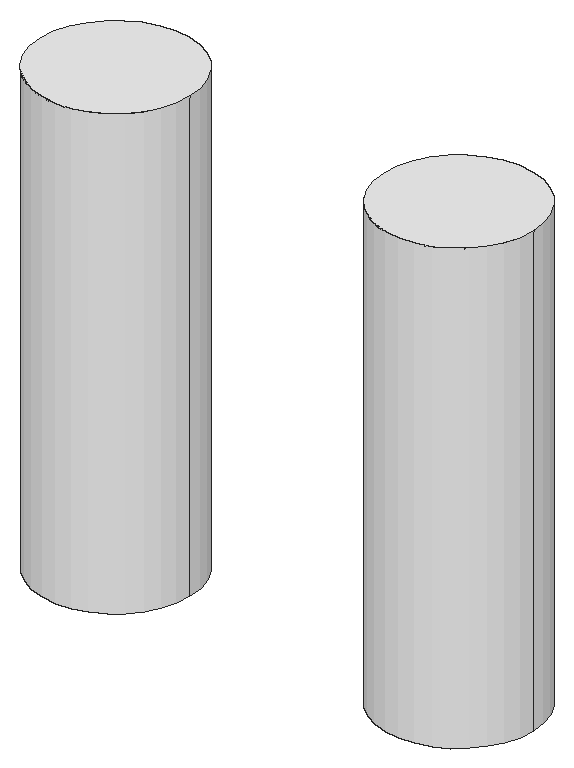
Revit family "92002009(2023)", category Plumbing Fixtures, Revit 2020
Family settings
  Round Connector Dimension = Use Diameter
  Part Type = Normal
  OmniClass Number = 23.45.55.00
  OmniClass Title = Sanitary Faucets, Wastes
  Work Plane-Based = No
  Always vertical = Yes
  Cut with Voids When Loaded = No
  Shared = No
  Room Calculation Point = No
Parameters (values of type "92002009 Washbasin faucet, 230/9 V, Bluetooth")
  Working Pressure = "100 - 1000 kPa"
  WarrantyStartDate [instance] = "n/a"
  WarrantyGuarantorParts = "n/a"
  WarrantyGuarantorLabor = "n/a"
  WarrantyDurationUnit = "Year"
  WarrantyDurationParts = "n/a"
  WarrantyDurationLabor = "n/a"
  WarrantyDescription = "http://warranty.hansa.com"
  Warranty Information URL = "http://warranty.hansa.com"
  VersionDate = "01/06/2023"
  Version = "1"
  ValvePattern = "n/a"
  ValveOperation = "n/a"
  ValveMechanism = "n/a"
  Uniclass2015Reference = "Pr_40_20_87_96"
  Uniclass2015Description = "Washbasin manual water supply sets"
  Uniclass2 = "Pr_40_30_96_96"
  URL WEEE = "http://static.hansa.com/WEEE/92002009"
  URL UWL = "http://static.hansa.com/UWL/92002009"
  URL REACH = "http://static.hansa.com/doc/reach"
  URL EcoLabel Declaration = "http://static.hansa.com/doc/EcoLabel"
  URL EU Packaging Declaration = "http://static.hansa.com/doc/packaging"
  URL Declaration of SCIP = "http://static.hansa.com/doc/SCIP"
  URL Declaration of Conformity = "http://static.hansa.com/DoC/92002009"
  URL Declaration of Asbestos = "http://static.hansa.com/doc/asbestos"
  URL Declaration Of Performance (DOP) = "http://static.hansa.com/doc/DoP"
  URL = ""
  UNSPSC Class Number = "30181700 Faucets or taps"
  Type Comments = ""
  TestPressure = "n/a"
  Temperature Adjustments = "Adjustable hot water stop (included, retrofittable)"
  Technical DataSheet URL = "http://www.hansa.com/datasheet/92002009/en"
  TagNumber [instance] = "n/a"
  SustainabilityPerformance = "n/a"
  Surface treatment = "Chrome"
  Spout Type = "Fixed spout"
  Spout Projection = "117 mm"
  Size = "70x165x135 mm"
  Shape = "Sculptured"
  SerialNumber [instance] = "n/a"
  Sales Package dimensions (LxWxH) = "284 x 191 x 83.5"
  Revision = "n/a"
  ReplacementCost = "n/a"
  Protection Class = "IP 55 / transformer IP 20"
  ProductInformation = "n/a"
  Product URL = "http://static.hansa.com/92002009"
  Product Image URL = "http://static.hansa.com/image/92002009"
  Product Family = "HANSAELECTRA "
  Product Code = "92002009"
  OperatingMechanismMaterial = "n/a"
  Operating Voltage = 9 V
  Operating Distance = "20-130 mm (110/130/160 mm)"
  NominalWidth = 69.286 mm
  NominalHeight = 135.012 mm
  NominalDepth = 163.081 mm
  Noise Class = "I (ISO 3822) "
  Name_en = "92002009 Washbasin faucet, 230/9 V, Bluetooth"
  Name = "92002009 Washbasin faucet, 230/9 V, Bluetooth"
  NBSReference = "45-35-70/371"
  NBSDescription = "Water supply fittings for wash basins and troughs"
  Mounting Holes = "1 hole"
  ModelReference = "92002009"
  ModelNumber = "n/a"
  Model = "92002009 Washbasin faucet, 230/9 V, Bluetooth"
  Mobile Product Information URL = "http://mpi.hansa.com/92002009"
  Mechanical Parts = "Mixing valve for manual temperature control;Non-return valve(s);Litter filter(s)"
  Max. Hot Water Supply = 70 °C
  Max Flow Period = "2 min (1 - 1800 s)"
  Material = "Composite"
  Market = "International;Germany;Austria;Switzerland;Belgium;Netherlands;Czech Republic;Slovakia;Italy"
  ManufacturerURL = "http://www.hansa.com"
  ManufacturerName = "HANSA"
  Manufacturer = "HANSA"
  Long Marketing = "Electra 92 series is giving you a whole new modern design with its rounded square body and spout. Giving you new fresh and updated design.\nDesign compliments the new trends of the modern bathroom with its more squared design.\n\nKey Features\nAerator with Tilt function +/- 10° for more flexible installation\nNewest Sensor technology for better detection and operation comfort\nBluetooth technology for easy adjustment to personalize settings \nPower Plug"
  Lever Handle = "Temperature control handle"
  Keynote = ""
  InstallationDate [instance] = "n/a"
  Installation Type = "Deck mounted"
  InletConnectionSize = 10 mm
  IfcExportType = "FAUCET"  # constant formula
  IfcExportAs = "IfcValveType"  # constant formula
  Group = "Washbasin faucet"
  Grade = "n/a"
  FlowCoefficient = 0
  Flow Rate At 300kPa With Flow Controller = 0.09 L/s
  Flow Drawing URL = "http://static.hansa.com/flowchart/92002009"
  Finish = "Polished"
  Features = "Touchless;Plug transformer;Bluetooth®;Lead free"
  FaucetMainMaterial = Brass
  FDV Document URL = "http://www.hansa.com/datasheet/92002009/en/fdv"
  ExpectedLife = "n/a"
  Electronic Parts = ";Power supply;Light indicated function(s)"
  Electrical Connection = "230 / 9 V"
  ETIM Class Number = "EC010340 Electronic tap"
  EN Standard = "EN 15091"
  EMC Directive = "2014/53/EU , 2011/65/EU"
  EAN Number = "4057304019289"
  DurationUnit = "Year"
  Dimension Drawing URL = "http://static.hansa.com/dimdrw/92002009"
  Description = ""
  DefaultElevation [instance] = 900 mm
  Default Elevation = 0 mm
  Constituents = "n/a"
  Connection Size = "G3/8"
  Connection = "Flexible inlet pipes"
  Color = "Chrome"
  CodePerformance = "n/a"
  CloseOffRating = 0
  Catalog Drawing URL = "http://static.hansa.com/catdrw/92002009"
  Brand = "HANSA"
  BodyMaterial = "Brass"
  Bluetooth = "5.x (D060576)"
  Barcode [instance] = "n/a"
  Backflow Prevention EN1717 = "EB"
  BIMObjectName = "92002009(2023)"
  Automatic Flush Period = "30 s (1-1800 s)"
  Automatic Flush Frequency = "off (off/1-120 h)"
  Author = "BIMStone"
  AssetType = "Fixed"
  AssetIdentifier [instance] = "n/a"
  Afterflow Period = "3 s (1-20 s)"
  Aerator = "PCA® - constant flow rate regardless of pressure variations;Adjustable flow angle"
  Advanced Features = "3S-installation system for safe and simple mounting"
  AccessibilityPerformance = "n/a"
  2D/3D/BIM Files URL = "http://static.hansa.com/bim/92002009"
Reference planes
  plane 1 "Center (Front/Back)": y = 0
  plane 2: z = 0
  plane 3 "Center (Left/Right)": x = 0
  plane 4: x = -27.304
  plane 5: z = 900
  plane 6: z = 870
  plane 7: y = -163.081
  plane 8: x = 27.304
  plane 9: z = 1035.012
  plane 10: x = 41.982
Forms (mm)
  Extrusion 1, solid, material "Brass" <- "FaucetMainMaterial"
    sketch origin (0, -2.393, 0) x (1, 0, 0) y (0, 1, 0)
      loop
        circle (-11.5, -22.5) r 5
      loop
        circle (11.5, -22.5) r 5
    from 870 to 900
Dimensions and locks
  "DefaultElevation": plane 5 to level
  locked: plane 5 to plane 6 at 30
  "NominalDepth": plane 7 to plane 1 "Center (Front/Back)"
  equal spacing: plane 4, plane 3 "Center (Left/Right)", plane 8
  "NominalHeight": plane 9 to plane 5
  locked: plane 8 to plane 10 at 14.678
  "NominalWidth": plane 4 to plane 10
  "InletConnectionSize": diameter of Extrusion 1 sketch curve  (x2)
  aligned and locked: level to plane 2
  aligned and locked: plane 5 to Extrusion 1
  aligned and locked: Extrusion 1 to plane 6
  aligned and locked: plane 1 "Center (Front/Back)" to nested 2
  aligned and locked: plane 3 "Center (Left/Right)" to nested 2
  aligned and locked: plane 3 "Center (Left/Right)" to nested 1
  aligned and locked: plane 1 "Center (Front/Back)" to nested 1
  aligned and locked: plane 5 to nested 2
Automatic sketch dimensions
  Extrusion 1 sketch curve to plane 3 "Center (Left/Right)" = 11.5 mm
  plane 3 "Center (Left/Right)" to Extrusion 1 sketch curve = 11.5 mm
  plane 1 "Center (Front/Back)" to Extrusion 1 sketch curve = 24.893 mm
  Extrusion 1 sketch curve to Extrusion 1 sketch curve = 0 mm
Nested families
  nested 1: "Symbol" at (0, 0, 0), type "Symbol", detail levels coarse
  nested 2: "92002009(2023)_Body" at (0, 0, 900), Material <- "FaucetMainMaterial", type "92002009(2023)_Body"
    with Material Brass
Connectors
  piping at (-11.5, -24.893, 870), diameter 10, driven by "InletConnectionSize"
    settings: on Extrusion 1, index 1, connector inside diameter 609.6 mm, connector length 0 mm, flow factor 0, pipe flow 0.2 L/s, pressure drop 0.0 Pa, fitting loss kfactor 0, connector angle 0.00°, fixture units 0, engagement length 0 mm, angle of deflection 0.00°, flow configuration 1, flow direction 1, fitting loss method 0, system type 19, joint type 0, gender type 0, connector reference index -1, connector utility 0, adjustable connector no, is connector primary yes, connector description ""
  piping at (11.5, -24.893, 870), diameter 10, driven by "InletConnectionSize"
    settings: on Extrusion 1, index 2, connector inside diameter 609.6 mm, connector length 0 mm, flow factor 0, pipe flow 0.2 L/s, pressure drop 0.0 Pa, fitting loss kfactor 0, connector angle 0.00°, fixture units 0, engagement length 0 mm, angle of deflection 0.00°, flow configuration 1, flow direction 1, fitting loss method 0, system type 20, joint type 0, gender type 0, connector reference index -1, connector utility 0, adjustable connector no, is connector primary no, connector description ""
Definition of nested family "Symbol"
  Reference planes
    plane 1: y = 0
    plane 2: x = 0
  Lines and regions (mm)
    detail lines
      curve 1: line (0, 0, 0) -> (0, -1.8, 0)
      curve 2: line (-0.4, -1.1, 0) -> (0.4, -1.1, 0)
      curve 3: line (-0.4, -1.4, 0) -> (0.4, -1.4, 0)
      curve 4: line (0.863, 0, 0) -> (-0.863, 0, 0)
      curve 5: circle (-1.163, 0, 0) r 0.3 normal (0, 0, -1)
      curve 6: circle (1.163, 0, 0) r 0.3 normal (0, 0, 1)
